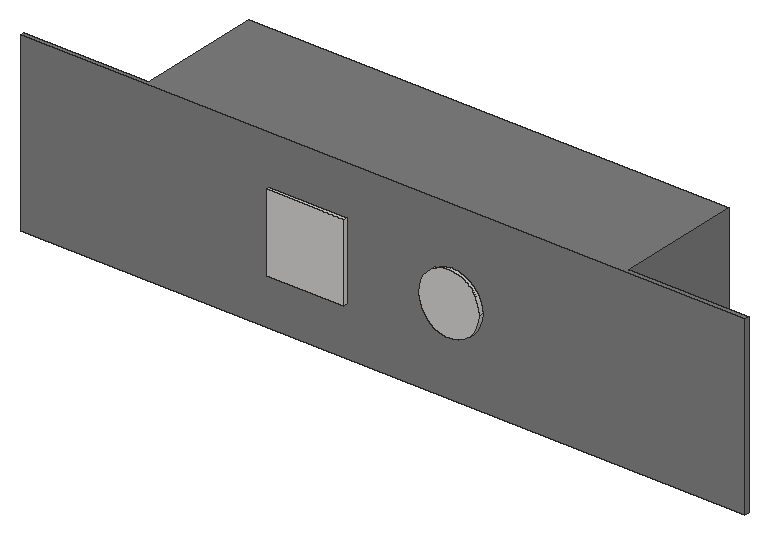
Revit family "100", category Generic Models, Revit 2021
Family settings
  Can host rebar = No
  Round Connector Dimension = Use Diameter
  Part Type = Normal
  Work Plane-Based = No
  Always vertical = Yes
  Cut with Voids When Loaded = No
  Shared = No
  Room Calculation Point = No
Parameters
  e-mail = "info@vola.com"
  URL = "http://vola.com"
  Telephone = "+45 7023 5500"
  Quality management standard = "ISO 9001"
  Organisation no. / DUNS no. = "17531328"
  Occupational health and safety management standard = "ISO 18001"
  Mounting Instructions = "http://vola.com/service/producturl.ashx?name=100"
  Model = "100"
  Materials and components information = "http://vola.com/service/producturl.ashx?name=100"
  Manufacturer = "VOLA A/S"
  Maintenance Instructions = "http://vola.com/service/producturl.ashx?name=100"
  Guarantee = "2 years"
  Flow = "18,00 l/min"
  Environmental management standard = "ISO 14000"
  Default Elevation = 0.00 mm
  Connection - All relevant connections = ""
  Approvals = "http://vola.com/service/producturl.ashx?name=100"
Reference planes
  plane 1 "Center (Front/Back)": y = 0
  plane 2: z = 0
  plane 3 "Center (Left/Right)": x = 0
  plane 4 "Front Plane": y = -72.5
  plane 5 "Inlet Center Plane": y = -25
  plane 6: z = 70
Forms (mm)
  Extrusion 1, solid, material "Stainless Steel"
    sketch origin (0, 0, 1) x (1, 0, 0) y (0, 0, 1)
      loop
        circle (39, 69) r 16.5
    from 70.5 to 72.5
  Extrusion 2, solid, material "Stainless Steel"
    sketch origin (1032.5, -2.5, 1) x (-1, 0, 0) y (0, 0, -1)
      loop
        line (1092.5, -90) -> (1092.5, -48) -> (1050.5, -48) -> (1050.5, -90) -> (1092.5, -90)
    from 68 to 70
  Extrusion 3, solid, material "Default"
    sketch origin (0, 0, 1) x (1, 0, 0) y (0, 1, 0)
      loop
        line (-127.5, 0) -> (-127.5, -68) -> (132.5, -68) -> (132.5, 0) -> (-127.5, 0)
    from 21.5 to 116.5
  Extrusion 4, solid, material "Stainless Steel"
    sketch origin (0, 0, 22.5) x (0, 1, 0) y (1, 0, 0)
      loop
        circle (-25, -12) r 14
    from 0 to 22.5
  Extrusion 5, solid, material "Stainless Steel"
    sketch origin (-54, 0, 22.5) x (0, 1, 0) y (1, 0, 0)
      loop
        circle (-25, -12) r 14
    from 0 to 22.5
  Extrusion 6, solid, material "Default"
    sketch origin (0, 0, 1) x (1, 0, 0) y (0, 1, 0)
      loop
        line (-195, -68) -> (-195, -70.5) -> (197.5, -70.5) -> (197.5, -68) -> (-195, -68)
    from 21.5 to 116.5
Cuts and joins
  joined: Extrusion 3, Extrusion 6
Lines and regions (mm)
  reference lines
    curve 1: line (-39, -25, 70) -> (-39, -122.5, 70)
    curve 2: line (39, -25, 70) -> (39, -122.5, 70)
    curve 3: line (-66, -25, 70) -> (-66, -25, -29)
    curve 4: line (-12, -25, 70) -> (-12, -25, -29)
Dimensions and locks
  aligned and locked: plane 2 to level
  aligned and locked: plane 6 to curve 4
  aligned and locked: plane 6 to curve 3
  aligned and locked: Extrusion 3 to Extrusion 6
  aligned and locked: Extrusion 6 to Extrusion 3
